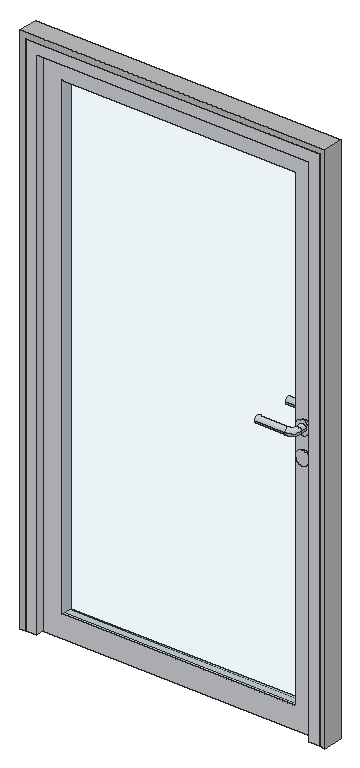
Revit family "BRU_Дверь_Однопольная_Алюминиевая_Исправлено", category Двери, Revit 2021
Family settings
  Основа = Стена
  Номер OmniClass = 23.30.10.00
  Заголовок OmniClass = Doors
  Всегда вертикально = Да
  При загрузке вырезать с полостями = Нет
  Общий = Нет
  Точка принадлежности помещению = Нет
Parameters (values of type "ДАВ-О-Н-EIWS30 1150х2100(h) Пр")
  Четверть сверху.Размер [instance] = 30 mm
  Четверть (есть/нет) [instance] = no
  Четверть сверху [instance] = if([Четверть (есть/нет)], Четверть сверху.Размер, 0 mm)  # 0 mm
  Четверть сбоку [instance] = if([Четверть (есть/нет)], Четверти сбоку.Размер, 0 mm)  # 0 mm
  Четверти сбоку.Размер [instance] = 30 mm
  Угол в плане 30 [instance] = yes
  Тип полотна двери = Полотно : Остекленное
  Ручка двери = none
  Рама двери.Ширина справа = 80 mm
  Рама двери.Ширина слева = 80 mm
  Рама двери.Ширина внизу = 80 mm
  Рама двери.Ширина вверху = 80 mm
  Полотно двери. Высота [instance] = Rough Height - Коробка.Ширина  # 1900 mm
  Площадь [instance] = Width * Height  # 2.3088 m²
  Откосы.Ширина [instance] = 530 mm
  Define Thermal Properties by = 1
  Fire Rating = ""
  О_Обозначение = ""
  О_Наименование = ""
  Монтажный зазор снизу.Толщина [instance] = 130 mm
  Монтажный зазор сверху.Толщина = 20 mm
  Коробка.Ширина = 30 mm
  Коробка.Толщина = 70 mm
  Правая = yes
  Полотно.Толщина = 40 mm
  Полотно двери = none
  Остекление двери = none
  Наличник.Ширина [instance] = 60 mm
  Наличник.Толщина [instance] = 10 mm
  Наличник снаружи (есть/нет) [instance] = no
  Наличник внутри (есть/нет) [instance] = no
  Монтажный зазор сбоку.Толщина = 20 mm
  Type Comments = ""
  Глубина выреза проема наружу [instance] = 200 mm
  Глубина выреза проема внутрь [instance] = 200 mm
  Глубина вставки двери [instance] = 0 mm
  Левая = not(Правая)  # no
  Защитное ограждение (есть/нет) = no
  Огибание наружных слоев [instance] = 0 mm
  Width = 1110 mm
  Rough Width [instance] = Width - Монтажный зазор сбоку.Толщина * 2  # 1070 mm
  Rough Height [instance] = Height - Монтажный зазор сверху.Толщина - Монтажный зазор снизу.Толщина  # 1930 mm
  Группа модели = "Дверь остекленная с выпадающим порогом"
  Manufacturer = ""
  Wall Closure = (empty or 0)
  Height = 2080 mm
  Description = ""
  Тип конструкций = "Дверь стальная"
  Аналитическая конструкция = "<Нет>"
  BRU_ДверьТип = "BRU_Дверь_Однопольная_Алюминиевая_МОП_Противопожарная"
  ADSK_Этаж [instance] = ""
  ADSK_Толщина стены [instance] = 0 mm
  ADSK_Примечание [instance] = ""
  ADSK_Предел огнестойкости = "EIWS60"
  ADSK_Позиция [instance] = ""
  ADSK_Открывание = if(Правая, "Правая", "Левая")  # "Правая"
  ADSK_Обозначение = "ГОСТ 6629-88"  # constant formula
  ADSK_Наименование краткое = ""
  ADSK_Наименование = "ДАВ-О-Н-EIWS60 1300х2100(h)"
  ADSK_Масса_Текст = ""
  ADSK_Количество [instance] = 0
  ADSK_Код изделия = ""
  ADSK_Зона [instance] = ""
  ADSK_Завод-изготовитель = ""
  ADSK_Единица измерения = ""
  ADSK_Группирование [instance] = ""
  ADSK_URL страницы изделия = ""
  ADSK_URL документации изделия = ""
Types (6, lengths in mm): name | Полотно двери. Высота | Площадь | Правая | Левая | Width | Rough Width | Rough Height | Группа модели | Height | ADSK_Предел огнестойкости | ADSK_Открывание | ADSK_Наименование
  ДАВ-О-Н-EIWS30 1150х2100(h) Пр | 1900 | 2.3088 m² | yes | no | 1110 | 1070 | 1930 | "Дверь остекленная с выпадающим порогом" | 2080 | "EIWS60" | "Правая" | "ДАВ-О-Н-EIWS60 1300х2100(h)"
  ДАВ-О-Н-EIWS30 1150х2100(h) Л | 1900 | 2.3088 m² | no | yes | 1110 | 1070 | 1930 | "Дверь остекленная с выпадающим порогом" | 2080 | "EIWS60" | "Левая" | "ДАВ-О-Н-EIWS60 1300х2100(h)"
  ДАВ-О-Н-EIW30 1300х2400(h) Л | 2200 | 2.9988 m² | no | yes | 1260 | 1220 | 2230 | "Дверь остекленная без порога" | 2380 | "EIW30" | "Левая" | "ДАВ-О-Н-EIW30 1300х2400(h)"
  ДАВ-О-Н-EIWS60 1300х2100(h) Пр | 1920 | 2.73 m² | yes | no | 1300 | 1260 | 1950 | "Дверь остекленная с выпадающим порогом" | 2100 | "EIWS60" | "Правая" | "ДАВ-О-Н-EIWS60 1300х2100(h)"
  ДАВ-О-Н-EIWS60 1300х2100(h) Л | 1900 | 2.6208 m² | no | yes | 1260 | 1220 | 1930 | "Дверь остекленная с выпадающим порогом" | 2080 | "EIWS60" | "Левая" | "ДАВ-О-Н-EIWS60 1300х2100(h)"
  ДАВ-О-Н-EIW30 1300х2400(h) Пр | 2200 | 2.9988 m² | yes | no | 1260 | 1220 | 2230 | "Дверь остекленная без порога" | 2380 | "EIW30" | "Правая" | "ДАВ-О-Н-EIW30 1300х2400(h)"
Reference planes
  plane 1: y = 0
  plane 2 "По центру (Влево/Вправо)": x = 0
  plane 3 "Слева": x = -555
  plane 4 "Справа": x = 555
  plane 5: z = 2080
  plane 6 "Наружный": y = 300
  plane 7 "Внутренние": y = -300
  plane 8 "Вставка двери": y = 300
  plane 9 "Четверть слева": x = -555
  plane 10 "Четверть справа": x = 555
  plane 11 "Четверть сверху": z = 2080
  plane 12 "Полотно двери": y = 260
  plane 13 "Рама внутри": y = 230
  plane 14 "Монтажный зазор слева": x = -535
  plane 15 "Монтажный зазор справа": x = 535
  plane 16 "Монтажный зазор сверху": z = 2060
  plane 17 "Глубина огибания наружного слоя": y = 300
  plane 18: y = 310
  plane 19: x = 545
  plane 20: y = -310
  plane 21: x = -545
  plane 22: y = 500
  plane 23: y = -500
  plane 24 "2": z = 130
Forms (mm)
  Extrusion 1, void
    sketch origin (0, 0, 0) x (1, 0, 0) y (0, 1, 0)
      loop
        line (555, 300) -> (-555, 300) -> (-555, -500) -> (555, -500) -> (555, 300)
    from 0 to 2080
  Extrusion 2, void
    sketch origin (0, 0, 0) x (1, 0, 0) y (0, 1, 0)
      loop
        line (555, 500) -> (-555, 500) -> (-555, 300) -> (555, 300) -> (555, 500)
    from 0 to 2080
  Sweep 3, solid, material <- "Полотно двери", visible <- "Наличник снаружи (есть/нет)", detail levels fine
    path origin (0, 300, 0) x (1, 0, 0) y (0, 0, 1)
      loop
        line (-555, 130) -> (-555, 2080) -> (555, 2080) -> (555, 130)
    profile origin (-555, 300, 1105) x (-1, 0, 0) y (0, -1, 0)
      loop
        line (-10, 0) -> (-10, -5)
        arc (-10, -5) -> (-8.536, -8.536) -> (-5, -10) r 5
        line (-5, -10) -> (45, -10)
        arc (45, -10) -> (48.536, -8.536) -> (50, -5) r 5
        line (50, -5) -> (50, 0) -> (-10, 0)
  Sweep 4, solid, material <- "Полотно двери", visible <- "Наличник внутри (есть/нет)", detail levels fine
    path origin (0, -300, 0) x (1, 0, 0) y (0, 0, 1)
      loop
        line (-555, 130) -> (-555, 2080) -> (555, 2080) -> (555, 130)
    profile origin (-555, -300, 1105) x (-1, 0, 0) y (0, -1, 0)
      loop
        line (-20, 0) -> (40, 0) -> (40, 5)
        arc (40, 5) -> (38.536, 8.536) -> (35, 10) r 5
        line (35, 10) -> (-15, 10)
        arc (-15, 10) -> (-18.536, 8.536) -> (-20, 5) r 5
        line (-20, 5) -> (-20, 0)
  Sweep 5, solid, material <- "Полотно двери"
    path origin (0, 300, 0) x (-1, 0, 0) y (0, 0, 1)
      loop
        line (535, 130) -> (535, 2060) -> (-535, 2060) -> (-535, 130)
    profile origin (535, 300, 1095) x (0, 1, 0) y (-1, 0, 0)
      loop
        line (0, 0) -> (0, 30) -> (-40, 30) -> (-40, 40) -> (-70, 40) -> (-70, 0) -> (0, 0)
  Sweep 6, solid, material <- "Полотно двери", visible <- "Наличник снаружи (есть/нет)", detail levels fine
    path origin (0, 300, 0) x (-1, 0, 0) y (0, 0, 1)
      loop
        line (555, 130) -> (555, 2080) -> (-555, 2080) -> (-555, 130)
    profile origin (555, 300, 1105) x (0, 1, 0) y (-1, 0, 0)
      loop
        line (5, 0) -> (5, 10) -> (0, 10) -> (0, 0) -> (5, 0)
  Extrusion 7, solid, material <- "Полотно двери"
    sketch origin (-2514.822, 300, 1200) x (-1, 0, 0) y (0, 0, 1)
      loop
        line (-3069.822, 880) -> (-3069.822, -1070) -> (-3048.822, -1070) -> (-3048.822, 859) -> (-1980.822, 859) -> (-1980.822, -1070) -> (-1959.822, -1070) -> (-1959.822, 880) -> (-3069.822, 880)
    from 0 to -70
Cuts and joins
  joined: Sweep 3, Sweep 6
Lines and regions (mm)
  Masking region 1, detail levels fine
    outline origin (0, 0, 0) x (0, 1, 0) y (0, 0, 1)
      loop
        line (230, 2020) -> (260, 2020) -> (260, 2030) -> (300, 2030) -> (300, 2060) -> (230, 2060) -> (230, 2020)
  Masking region 2, detail levels fine
    outline origin (0, 0, 0) x (0, 1, 0) y (0, 0, 1)
      loop
        line (300, 130) -> (300, 2030) -> (260, 2030) -> (260, 130) -> (300, 130)
  Masking region 3, detail levels fine
    outline origin (0, 0, 0) x (0, 1, 0) y (0, 0, 1)
      loop
        line (230, 2020) -> (230, 130) -> (260, 130) -> (260, 2020) -> (230, 2020)
  Masking region 4, detail levels coarse+medium
    outline origin (0, 0, 0) x (0, 1, 0) y (0, 0, 1)
      loop
        line (300, 130) -> (300, 2080) -> (230, 2080) -> (230, 130) -> (300, 130)
Text (mm)
  text "Наружный" at (-2295.016, 1099.543, 0), in view "Опорный уровень "
  text "Наружный" at (0, 1615.38, 3698.081), in view "Слева"
  text "Наружный" at (0, 1036.032, 3874.932), in view "Справа"
Dimensions and locks
  equal spacing: plane 14 "Монтажный зазор слева", plane 2 "По центру (Влево/Вправо)", plane 15 "Монтажный зазор справа"
  "Rough Width": plane 14 "Монтажный зазор слева" to plane 15 "Монтажный зазор справа"
  "Rough Height": plane 16 "Монтажный зазор сверху" to plane 24 "2"
  host wall to plane 5 = 2080 mm  (x2)
  locked: plane 6 "Наружный" to host wall
  locked: plane 7 "Внутренние" to host wall
  "Четверть сбоку": plane 3 "Слева" to plane 9 "Четверть слева"
  "Четверть сбоку": plane 10 "Четверть справа" to plane 4 "Справа"
  "Глубина вставки двери": plane 6 "Наружный" to plane 8 "Вставка двери"
  "Наличник.Ширина": Sweep 3 sketch curve to plane 21
  "Коробка.Толщина": plane 8 "Вставка двери" to plane 13 "Рама внутри"
  "Полотно.Толщина": plane 8 "Вставка двери" to plane 12 "Полотно двери"
  "Огибание наружных слоев": plane 6 "Наружный" to plane 17 "Глубина огибания наружного слоя"
  "Наличник.Ширина": Sweep 4 sketch curve to Sweep 4 sketch curve
  locked: Sweep 4 sketch curve to Sweep 4 sketch curve at 5  (x4)
  locked: Sweep 3 sketch curve to Sweep 3 sketch curve at 5
  "Коробка.Ширина": Sweep 5 sketch curve to profile plane
  locked: Sweep 5 sketch curve to Sweep 5 sketch curve at 10
  "Наличник.Толщина": plane 7 "Внутренние" to plane 20
  "Наличник.Толщина": plane 18 to plane 6 "Наружный"
  "Наличник.Толщина": plane 9 "Четверть слева" to plane 21
  "Наличник.Толщина": plane 19 to plane 10 "Четверть справа"
  locked: plane 18 to Sweep 3 sketch curve at 5  (x2)
  locked: Sweep 3 sketch curve to plane 21 at 5
  locked: plane 18 to Sweep 6 sketch curve at 5
  "Откосы.Ширина": plane 7 "Внутренние" to plane 13 "Рама внутри"
  equal spacing: plane 3 "Слева", plane 2 "По центру (Влево/Вправо)", plane 4 "Справа"
  "Width": plane 3 "Слева" to plane 4 "Справа"
  "Глубина выреза проема внутрь": plane 23 to plane 7 "Внутренние"
  "Глубина выреза проема наружу": plane 6 "Наружный" to plane 22
  locked: Extrusion 7 sketch curve to plane 15 "Монтажный зазор справа" at 1
  locked: Extrusion 7 sketch curve to plane 16 "Монтажный зазор сверху" at 1
  locked: plane 14 "Монтажный зазор слева" to Extrusion 7 sketch curve at 1
  "Монтажный зазор снизу.Толщина": level to plane 24 "2"
  "Монтажный зазор сверху.Толщина": plane 5 to plane 16 "Монтажный зазор сверху"
  "Четверть сверху": plane 5 to plane 11 "Четверть сверху"
  aligned and locked: plane 1 to host wall
  aligned and locked: plane 8 "Вставка двери" to Extrusion 1 sketch curve
  aligned and locked: plane 3 "Слева" to Extrusion 1 sketch curve
  aligned and locked: Extrusion 1 sketch curve to plane 4 "Справа"
  aligned and locked: Extrusion 1 to level
  aligned and locked: Extrusion 1 to plane 5
  aligned and locked: Extrusion 2 sketch curve to plane 8 "Вставка двери"
  aligned and locked: plane 10 "Четверть справа" to Extrusion 2 sketch curve
  aligned and locked: Extrusion 2 sketch curve to plane 9 "Четверть слева"
  aligned and locked: Extrusion 2 to level
  aligned and locked: plane 11 "Четверть сверху" to Extrusion 2
  aligned and locked: plane 9 "Четверть слева" to Sweep 3 sketch curve
  aligned and locked: plane 11 "Четверть сверху" to Sweep 3 sketch curve
  aligned and locked: plane 10 "Четверть справа" to Sweep 3 sketch curve
  aligned and locked: Sweep 4 sketch curve to plane 3 "Слева"
  aligned and locked: Sweep 4 sketch curve to plane 5
  aligned and locked: Sweep 4 sketch curve to plane 4 "Справа"
  aligned and locked: Sweep 4 sketch curve to plane 7 "Внутренние"
  aligned and locked: Sweep 5 sketch curve to plane 15 "Монтажный зазор справа"
  aligned and locked: Sweep 5 sketch curve to plane 16 "Монтажный зазор сверху"
  aligned and locked: Sweep 5 sketch curve to plane 14 "Монтажный зазор слева"
  aligned and locked: profile plane to Sweep 5 sketch curve
  aligned and locked: plane 13 "Рама внутри" to Sweep 5 sketch curve
  aligned and locked: plane 8 "Вставка двери" to Sweep 5 sketch curve
  aligned and locked: plane 12 "Полотно двери" to Sweep 5 sketch curve
  aligned and locked: plane 12 "Полотно двери" to nested 1
  aligned and locked: nested 1 to plane 8 "Вставка двери"
  aligned and locked: Sweep 5 to nested 1
  aligned and locked: nested 1 to Sweep 5  (x2)
  aligned and locked: plane 2 "По центру (Влево/Вправо)" to nested 2
  aligned and locked: nested 2 to plane 8 "Вставка двери"
  aligned and locked: plane 12 "Полотно двери" to nested 2
  aligned and locked: plane 13 "Рама внутри" to nested 2
  aligned and locked: plane 2 "По центру (Влево/Вправо)" to nested 3
  aligned and locked: plane 8 "Вставка двери" to nested 3
  aligned and locked: nested 3 to plane 12 "Полотно двери"
  aligned and locked: nested 3 to plane 13 "Рама внутри"
  aligned and locked: Sweep 4 sketch curve to plane 14 "Монтажный зазор слева"
  aligned and locked: profile plane to Sweep 3 sketch curve
  aligned and locked: Sweep 6 sketch curve to plane 11 "Четверть сверху"
  aligned and locked: plane 10 "Четверть справа" to Sweep 6 sketch curve  (x2)
  aligned and locked: plane 9 "Четверть слева" to Sweep 6 sketch curve
  aligned and locked: plane 8 "Вставка двери" to Sweep 6 sketch curve
  aligned and locked: plane 20 to Sweep 4 sketch curve
  aligned and locked: plane 18 to Sweep 3 sketch curve
  aligned and locked: Sweep 6 sketch curve to plane 19
  aligned and locked: Masking region 1 sketch curve to Sweep 5  (x2)
  aligned and locked: plane 12 "Полотно двери" to Masking region 1 sketch curve
  aligned and locked: plane 13 "Рама внутри" to Masking region 1 sketch curve
  aligned and locked: plane 8 "Вставка двери" to Masking region 1 sketch curve
  aligned and locked: plane 16 "Монтажный зазор сверху" to Masking region 1 sketch curve
  aligned and locked: plane 8 "Вставка двери" to Masking region 2 sketch curve
  aligned and locked: plane 12 "Полотно двери" to Masking region 2 sketch curve
  aligned and locked: Masking region 2 sketch curve to Sweep 5
  aligned and locked: Masking region 3 sketch curve to Sweep 5
  aligned and locked: plane 13 "Рама внутри" to Masking region 3 sketch curve
  aligned and locked: plane 12 "Полотно двери" to Masking region 3 sketch curve
  aligned and locked: plane 8 "Вставка двери" to Masking region 4 sketch curve
  aligned and locked: plane 13 "Рама внутри" to Masking region 4 sketch curve
  aligned and locked: plane 5 to Masking region 4 sketch curve
  aligned and locked: Extrusion 7 sketch curve to plane 4 "Справа"
  aligned and locked: Extrusion 7 sketch curve to plane 3 "Слева"
  aligned and locked: Extrusion 7 sketch curve to plane 5
  aligned and locked: Extrusion 7 to plane 13 "Рама внутри"
  aligned and locked: plane 8 "Вставка двери" to Extrusion 7
  aligned and locked: plane 22 to Extrusion 2 sketch curve
  aligned and locked: Extrusion 1 sketch curve to plane 23
  aligned and locked: plane 24 "2" to Sweep 5 sketch curve  (x2)
  aligned and locked: plane 24 "2" to Sweep 3 sketch curve  (x2)
  aligned and locked: plane 24 "2" to Sweep 6 sketch curve  (x2)
  aligned and locked: plane 24 "2" to Sweep 4 sketch curve  (x2)
  aligned and locked: Extrusion 7 sketch curve to plane 24 "2"
  aligned and locked: plane 24 "2" to Extrusion 7 sketch curve
  aligned and locked: Masking region 4 sketch curve to plane 24 "2"
  aligned and locked: Masking region 3 sketch curve to plane 24 "2"
  aligned and locked: Masking region 2 sketch curve to plane 24 "2"
Nested families
  nested 1: "Полотно" at (0, 300, 130), type <- "Тип полотна двери", Полотно двери.Высота <- "Полотно двери. Высота", type "Остекленное"
    with Полотно двери.Ширина 1010 mm, Полотно двери.Толщина 40 mm, Полотно двери.Высота 1900 mm
  nested 2: "Обозначение на плане" at (0, 300, 0), Ширина двери <- "Rough Width", visible <- "Правая", Монтажный зазор <- "Монтажный зазор сбоку.Толщина", Ширина коробки <- "Коробка.Ширина", Толщина полотна двери <- "Полотно.Толщина", Толщина коробки <- "Коробка.Толщина", type "По-умолчанию"
    with Ширина полотна двери 970 mm, Ширина коробки 30 mm, Ширина двери 1070 mm, Толщина полотна двери 40 mm, Толщина коробки 70 mm, Монтажный зазор 20 mm
  nested 3: "Обозначение на плане" at (0, 300, 0) x (-1, 0, 0) z (0, 0, 1), Ширина двери <- "Rough Width", visible <- "Левая", Монтажный зазор <- "Монтажный зазор сбоку.Толщина", Ширина коробки <- "Коробка.Ширина", Толщина полотна двери <- "Полотно.Толщина", Толщина коробки <- "Коробка.Толщина", type "По-умолчанию"
    with Ширина полотна двери 970 mm, Ширина коробки 30 mm, Ширина двери 1070 mm, Толщина полотна двери 40 mm, Толщина коробки 70 mm, Монтажный зазор 20 mm
Definition of nested family "Полотно"
  Parameters (values of type "Глухое")
    Ручка.Отступ от края = 50 mm
    Ручка.Высота расположения = 1000 mm
    Ручка двери = none
    Рама справа.Ширина = 150 mm
    Рама слева.Ширина = 150 mm
    Рама внизу.Ширина = 600 mm
    Рама вверху.Ширина = 150 mm
    Правая = yes
    Полотно остекленное = no
    Полотно двери.Ширина [instance] = 1000 mm
    Полотно двери.Толщина [instance] = 40 mm
    Полотно двери.Высота [instance] = 2100 mm
    Полотно двери = none
    Полотно глухое = yes
    Остекление двери = none
    Левая = not(Правая)  # no
    Защитные ограждения = no
    Analytic Construction = "<Нет>"
  Types (2, lengths in mm): name | Рама справа.Ширина | Рама слева.Ширина | Рама внизу.Ширина | Рама вверху.Ширина | Полотно остекленное | Полотно глухое
    Глухое | 150 | 150 | 600 | 150 | no | yes
    Остекленное | 80 | 80 | 80 | 80 | yes | no
  Reference planes
    plane 1 "Center (Front/Back)": y = 0
    plane 2: z = 0
    plane 3 "Center (Left/Right)": x = 0
    plane 4: x = -500
    plane 5: x = 500
    plane 6 "Back": y = -40
    plane 7: z = 2100
    plane 8 "Высота расположения ручки": z = 1000
    plane 9 "Отступ ручки справа": x = 450
    plane 10 "Отступ ручки слева": x = -450
    plane 11 "Остекление снаружи": y = -8
    plane 12 "Остекление внутри": y = -32
    plane 13 "Ширина рамы справа": x = -350
    plane 14 "Ширина рамы слева": x = 350
    plane 15 "Ширина рамы внизу": z = 600
    plane 16 "Ширина рамы вверху": z = 1950
    plane 17: z = 950
    plane 18: z = 800
    plane 19: z = 650
    plane 20: z = 1050
  Forms (mm)
    Extrusion 1, solid, material <- "Полотно двери", visible <- "Полотно глухое"
      sketch origin (0, 0, 0) x (1, 0, 0) y (0, 0, 1)
        loop
          line (-500, 2100) -> (-500, 0) -> (500, 0) -> (500, 2100) -> (-500, 2100)
      from 0 to 40 <- "Полотно двери.Толщина"
    Extrusion 2, solid, material <- "Полотно двери", visible <- "Полотно остекленное"
      sketch origin (0, 0, 0) x (1, 0, 0) y (0, 0, 1)
        loop
          line (-500, 2100) -> (-500, 0) -> (500, 0) -> (500, 2100) -> (-500, 2100)
        loop
          line (-350, 600) -> (350, 600) -> (350, 1950) -> (-350, 1950) -> (-350, 600)
      from 0 to 40
    Extrusion 3, solid, material <- "Остекление двери", visible <- "Полотно остекленное"
      sketch origin (-646.608, -8, 1200) x (-1, 0, 0) y (0, 0, 1)
        loop
          line (-296.608, 750) -> (-996.608, 750) -> (-996.608, -600) -> (-296.608, -600) -> (-296.608, 750)
      from 0 to -24
    Sweep 4, solid, material <- "Ручка двери", visible <- "Защитные ограждения", detail levels medium+fine
      path origin (-858.179, -1524, 950) x (-1, 0, 0) y (0, -1, 0)
        loop
          arc (-478.179, -1469) -> (-482.572, -1458.393) -> (-493.179, -1454) r 15
          line (-493.179, -1454) -> (-1223.179, -1454)
          arc (-1223.179, -1454) -> (-1233.785, -1458.393) -> (-1238.179, -1469) r 15
          line (-1238.179, -1469) -> (-1238.179, -1539)
          arc (-1238.179, -1539) -> (-1233.785, -1549.607) -> (-1223.179, -1554) r 15
          line (-1223.179, -1554) -> (-493.179, -1554)
          arc (-493.179, -1554) -> (-482.572, -1549.607) -> (-478.179, -1539) r 15
          line (-478.179, -1539) -> (-478.179, -1469)
      profile origin (-380, -20, 950) x (-1, 0, 0) y (0, 0, 1)
        loop
          circle (0, 0) r 10
    Sweep 5, solid, material <- "Ручка двери", visible <- "Защитные ограждения", detail levels medium+fine
      path origin (-858.179, -1524, 800) x (-1, 0, 0) y (0, -1, 0)
        loop
          arc (-478.179, -1469) -> (-482.572, -1458.393) -> (-493.179, -1454) r 15
          line (-493.179, -1454) -> (-1223.179, -1454)
          arc (-1223.179, -1454) -> (-1233.785, -1458.393) -> (-1238.179, -1469) r 15
          line (-1238.179, -1469) -> (-1238.179, -1539)
          arc (-1238.179, -1539) -> (-1233.785, -1549.607) -> (-1223.179, -1554) r 15
          line (-1223.179, -1554) -> (-493.179, -1554)
          arc (-493.179, -1554) -> (-482.572, -1549.607) -> (-478.179, -1539) r 15
          line (-478.179, -1539) -> (-478.179, -1469)
      profile origin (-380, -20, 800) x (-1, 0, 0) y (0, 0, 1)
        loop
          circle (0, 0) r 10
    Sweep 6, solid, material <- "Ручка двери", visible <- "Защитные ограждения", detail levels medium+fine
      path origin (-858.179, -1524, 650) x (-1, 0, 0) y (0, -1, 0)
        loop
          arc (-478.179, -1469) -> (-482.572, -1458.393) -> (-493.179, -1454) r 15
          line (-493.179, -1454) -> (-1223.179, -1454)
          arc (-1223.179, -1454) -> (-1233.785, -1458.393) -> (-1238.179, -1469) r 15
          line (-1238.179, -1469) -> (-1238.179, -1539)
          arc (-1238.179, -1539) -> (-1233.785, -1549.607) -> (-1223.179, -1554) r 15
          line (-1223.179, -1554) -> (-493.179, -1554)
          arc (-493.179, -1554) -> (-482.572, -1549.607) -> (-478.179, -1539) r 15
          line (-478.179, -1539) -> (-478.179, -1469)
      profile origin (-380, -20, 650) x (-1, 0, 0) y (0, 0, 1)
        loop
          circle (0, 0) r 10
  Lines and regions (mm)
    symbolic lines, visible <- "Правая", detail levels medium
      curve 1: line (-500, 0, 0) -> (500, 0, 1050)
      curve 2: line (500, 0, 1050) -> (-500, 0, 2100)
    symbolic lines, visible <- "Левая", detail levels medium
      curve 3: line (500, 0, 0) -> (-500, 0, 1050)
      curve 4: line (-500, 0, 1050) -> (500, 0, 2100)
  Dimensions and locks
    "Полотно двери.Толщина": plane 1 "Center (Front/Back)" to plane 6 "Back"
    equal spacing: plane 4, plane 3 "Center (Left/Right)", plane 5
    "Полотно двери.Ширина": plane 4 to plane 5
    "Полотно двери.Высота": plane 7 to plane 2
    "Ручка.Высота расположения": plane 8 "Высота расположения ручки" to level
    "Ручка.Отступ от края": plane 5 to plane 9 "Отступ ручки справа"
    "Ручка.Отступ от края": plane 10 "Отступ ручки слева" to plane 4
    locked: plane 12 "Остекление внутри" to plane 6 "Back" at 8
    locked: plane 1 "Center (Front/Back)" to plane 11 "Остекление снаружи" at 8
    "Рама вверху.Ширина": plane 7 to plane 16 "Ширина рамы вверху"
    "Рама внизу.Ширина": plane 15 "Ширина рамы внизу" to plane 2
    "Рама справа.Ширина": plane 5 to plane 14 "Ширина рамы слева"
    "Рама слева.Ширина": plane 13 "Ширина рамы справа" to plane 4
    locked: plane 17 to plane 2 at 950
    plane 17 to plane 18 to plane 19 = 150 mm locked, 150 mm locked
    locked: plane 1 "Center (Front/Back)" to Sweep 4 sketch curve at 30
    locked: Sweep 4 sketch curve to profile plane at 0
    locked: profile plane to Sweep 4 sketch curve at 0
    locked: Sweep 4 sketch curve to plane 6 "Back" at 30
    locked: Sweep 5 sketch curve to profile plane at 0
    locked: profile plane to Sweep 5 sketch curve at 0
    locked: Sweep 5 sketch curve to plane 6 "Back" at 30
    locked: plane 1 "Center (Front/Back)" to Sweep 5 sketch curve at 30
    locked: Sweep 6 sketch curve to profile plane at 0
    locked: profile plane to Sweep 6 sketch curve at 0
    locked: Sweep 6 sketch curve to plane 6 "Back" at 30
    locked: plane 1 "Center (Front/Back)" to Sweep 6 sketch curve at 30
    equal spacing: plane 7, plane 20, plane 2
    locked: Sweep 4 sketch curve to plane 13 "Ширина рамы справа" at 30
    locked: plane 14 "Ширина рамы слева" to Sweep 4 sketch curve at 30
    locked: plane 14 "Ширина рамы слева" to Sweep 5 sketch curve at 30
    locked: Sweep 5 sketch curve to plane 13 "Ширина рамы справа" at 30
    locked: Sweep 6 sketch curve to plane 13 "Ширина рамы справа" at 30
    locked: plane 14 "Ширина рамы слева" to Sweep 6 sketch curve at 30
    locked: Sweep 4 sketch curve to Sweep 4 sketch curve at 15  (x8)
    locked: Sweep 5 sketch curve to Sweep 5 sketch curve at 15  (x8)
    locked: Sweep 6 sketch curve to Sweep 6 sketch curve at 15  (x8)
    aligned and locked: level to plane 2
    aligned and locked: Extrusion 1 sketch curve to plane 7
    aligned and locked: plane 4 to Extrusion 1 sketch curve
    aligned and locked: plane 2 to Extrusion 1 sketch curve
    aligned and locked: Extrusion 1 sketch curve to plane 5
    aligned and locked: Extrusion 1 to plane 1 "Center (Front/Back)"
    aligned and locked: Extrusion 1 to plane 6 "Back"
    aligned and locked: nested 1 to plane 10 "Отступ ручки слева"
    aligned and locked: plane 1 "Center (Front/Back)" to nested 1
    aligned and locked: plane 6 "Back" to nested 1
    aligned and locked: plane 8 "Высота расположения ручки" to nested 1
    aligned and locked: nested 2 to plane 1 "Center (Front/Back)"
    aligned and locked: nested 2 to plane 6 "Back"
    aligned and locked: nested 2 to plane 9 "Отступ ручки справа"
    aligned and locked: nested 2 to plane 8 "Высота расположения ручки"
    aligned and locked: Extrusion 2 sketch curve to plane 4
    aligned and locked: Extrusion 2 sketch curve to plane 5
    aligned and locked: Extrusion 2 sketch curve to plane 7
    aligned and locked: Extrusion 2 sketch curve to plane 2
    aligned and locked: Extrusion 2 sketch curve to plane 15 "Ширина рамы внизу"
    aligned and locked: Extrusion 2 sketch curve to plane 13 "Ширина рамы справа"
    aligned and locked: Extrusion 2 sketch curve to plane 14 "Ширина рамы слева"
    aligned and locked: Extrusion 2 sketch curve to plane 16 "Ширина рамы вверху"
    aligned and locked: Extrusion 2 to plane 1 "Center (Front/Back)"
    aligned and locked: Extrusion 2 to plane 6 "Back"
    aligned and locked: plane 13 "Ширина рамы справа" to Extrusion 3 sketch curve
    aligned and locked: plane 14 "Ширина рамы слева" to Extrusion 3 sketch curve
    aligned and locked: plane 16 "Ширина рамы вверху" to Extrusion 3 sketch curve
    aligned and locked: plane 15 "Ширина рамы внизу" to Extrusion 3 sketch curve
    aligned and locked: Extrusion 3 to plane 11 "Остекление снаружи"
    aligned and locked: Extrusion 3 to plane 12 "Остекление внутри"
    aligned and locked: plane 4 to curve 1
    aligned and locked: plane 2 to curve 1
    aligned and locked: plane 5 to curve 2
    aligned and locked: plane 20 to curve 1
    aligned and locked: plane 7 to Extrusion 2
    aligned and locked: plane 4 to Extrusion 2
  Automatic sketch dimensions
    curve 3 to plane 4 = 0 mm
    curve 2 to plane 4 = 0 mm
    curve 3 to level = 0 mm
    curve 3 to plane 5 = 0 mm
    curve 4 to plane 5 = 0 mm
    curve 4 to plane 20 = 0 mm
    curve 4 to plane 7 = 0 mm
    curve 2 to plane 7 = 0 mm
    radius of Sweep 4 sketch curve = 10 mm
    radius of Sweep 5 sketch curve = 10 mm
    radius of Sweep 6 sketch curve = 10 mm
  Nested families
    nested 1: "Дверная ручка" at (-450, 0, 1000), visible <- "Левая", Полотно двери.Толщина <- "Полотно двери.Толщина", type "Дверная ручка", detail levels fine
      with Полотно двери.Толщина 40 mm
    nested 2: "Дверная ручка" at (450, 0, 1000) x (-1, 0, 0) z (0, 0, 1), visible <- "Правая", Полотно двери.Толщина <- "Полотно двери.Толщина", type "Дверная ручка", detail levels fine
      with Полотно двери.Толщина 40 mm
  Definition of nested family "Дверная ручка"
    Parameters (values of type "Дверная ручка")
      Полотно двери.Толщина [instance] = 40 mm
      Дверная ручка = none
      Analytic Construction = "<Нет>"
    Reference planes
      plane 1 "Center (Front/Back)": y = 0
      plane 2: z = 0
      plane 3 "Center (Left/Right)": x = 0
      plane 4: y = -40
      plane 5: z = -100
    Forms (mm)
      Sweep 1, solid, material <- "Дверная ручка", detail levels medium+fine
        path origin (0, 0, 0) x (1, 0, 0) y (0, 1, 0)
          loop
            line (130, 50) -> (20, 50)
            arc (20, 50) -> (5.858, 44.142) -> (0, 30) r 20
            line (0, 30) -> (0, -70)
            arc (0, -70) -> (5.858, -84.142) -> (20, -90) r 20
            line (20, -90) -> (130, -90)
        profile origin (0, -20, 0) x (1, 0, 0) y (0, 0, 1)
          loop
            circle (0, 0) r 12
      Extrusion 2, solid, material <- "Дверная ручка", detail levels medium+fine
        sketch origin (-2000, -40, 1200) x (-1, 0, 0) y (0, 0, 1)
          loop
            circle (-2000, -1200) r 25
        from 48 to -8
      Extrusion 3, solid, material <- "Дверная ручка", detail levels medium+fine
        sketch origin (-2000, -40, 1100) x (-1, 0, 0) y (0, 0, 1)
          loop
            circle (-2000, -1200) r 25
        from 48 to -8
    Cuts and joins
      joined: Sweep 1, Extrusion 2
    Dimensions and locks
      "Полотно двери.Толщина": plane 1 "Center (Front/Back)" to plane 4
      locked: Sweep 1 sketch curve to plane 4 at 50
      locked: plane 1 "Center (Front/Back)" to Sweep 1 sketch curve at 50
      locked: plane 4 to Sweep 1 sketch curve at 30
      locked: plane 1 "Center (Front/Back)" to Sweep 1 sketch curve at 30
      locked: plane 3 "Center (Left/Right)" to Sweep 1 sketch curve at 20  (x2)
      locked: plane 4 to Extrusion 2 at 8
      locked: Extrusion 3 sketch curve to plane 5 at 0
      locked: plane 3 "Center (Left/Right)" to Extrusion 3 sketch curve at 0
      locked: plane 1 "Center (Front/Back)" to cut or joined group of Sweep 1, Extrusion 2 at 8
      locked: Extrusion 3 to plane 1 "Center (Front/Back)" at 8
      aligned and locked: level to plane 2
      aligned and locked: Sweep 1 sketch curve to plane 3 "Center (Left/Right)"
    Automatic sketch dimensions
      Sweep 1 sketch curve to Sweep 1 sketch curve = 110 mm  (x2)
      Sweep 1 sketch curve to level = 0 mm
      profile plane to Sweep 1 sketch curve = 0 mm
      Extrusion 2 sketch curve to level = 0 mm
      Extrusion 2 sketch curve to plane 3 "Center (Left/Right)" = 0 mm
      radius of Sweep 1 sketch curve = 12 mm
      radius of Extrusion 2 sketch curve = 25 mm
      radius of Extrusion 3 sketch curve = 25 mm
Definition of nested family "Обозначение на плане"
  Parameters (values of type "По-умолчанию")
    Ширина полотна двери [instance] = Ширина двери - 60 mm - Монтажный зазор * 2  # 600 mm
    Ширина коробки [instance] = 30 mm
    Ширина двери [instance] = 700 mm
    Толщина полотна двери [instance] = 40 mm
    Толщина коробки [instance] = 80 mm
    Открывание двери.30° = yes
    Открывание двери.90° = not(Открывание двери.30°)  # no
    Монтажный зазор [instance] = 20 mm
    Линия открывания.Дуга = not(Открывание двери.30°)  # no
  Reference planes
    plane 1 "Center (Front/Back)": y = 0
    plane 2: z = 0
    plane 3 "Center (Left/Right)": x = 0
    plane 4: x = -350
    plane 5: x = 350
    plane 6 "Толщина коробки": y = -80
    plane 7 "Толщина полотна": y = -40
    plane 8: x = -330
    plane 9: x = 330
    plane 10: x = -300
    plane 11: x = 300
  Lines and regions (mm)
    Masking region 1, in view "Ref. Level", visible <- "Открывание двери.30°", detail levels fine
      outline origin (0, 0, 0) x (1, 0, 0) y (0, 1, 0)
        loop
          line (-300, 0) -> (-280, -34.641) -> (239.615, 265.359) -> (219.615, 300) -> (-300, 0)
    Masking region 2, in view "Ref. Level", visible <- "Открывание двери.90°", detail levels fine
      outline origin (0, 140, 0) x (1, 0, 0) y (0, 1, 0)
        loop
          line (-300, -140) -> (-260, -140) -> (-260, 460) -> (-300, 460) -> (-300, -140)
    Masking region 3, in view "Ref. Level", detail levels fine
      outline origin (0, 0, 0) x (1, 0, 0) y (0, 1, 0)
        loop
          line (-330, 0) -> (-350, 0) -> (-350, -80) -> (-330, -80) -> (-330, 0)
    Masking region 4, in view "Ref. Level", detail levels fine
      outline origin (0, 0, 0) x (1, 0, 0) y (0, 1, 0)
        loop
          line (-330, 0) -> (-330, -80) -> (-290, -80) -> (-290, -40) -> (-300, -40) -> (-300, 0) -> (-330, 0)
    Masking region 5, in view "Ref. Level", detail levels fine
      outline origin (0, 0, 0) x (1, 0, 0) y (0, 1, 0)
        loop
          line (330, 0) -> (330, -80) -> (350, -80) -> (350, 0) -> (330, 0)
    Masking region 6, in view "Ref. Level", detail levels fine
      outline origin (0, 0, 0) x (1, 0, 0) y (0, 1, 0)
        loop
          line (330, 0) -> (300, 0) -> (300, -40) -> (290, -40) -> (290, -80) -> (330, -80) -> (330, 0)
    Masking region 7, in view "Ref. Level", visible <- "Открывание двери.30°", detail levels fine
      outline origin (0, 140, 0) x (1, 0, 0) y (0, 1, 0)
        loop
          line (-300, -140) -> (-260, -140) -> (-260, 460) -> (-300, 460) -> (-300, -140)
    detail lines, in view "Ref. Level", visible <- "Открывание двери.90°", detail levels coarse+medium
      curve 1: line (-350, 0, 0) -> (-350, 700, 0)
    detail lines, in view "Ref. Level", visible <- "Линия открывания.Дуга", detail levels coarse+medium
      curve 2: arc (350, 0, 0) -> (144.975, 494.975, 0) -> (-350, 700, 0) r 700
    detail lines, in view "Ref. Level", visible <- "Открывание двери.30°", detail levels coarse+medium
      curve 3: line (-350, 0, 0) -> (256.218, 350, 0)
    detail lines, in view "Ref. Level", visible <- "Линия открывания.Дуга", detail levels fine
      curve 4: arc (300, 0, 0) -> (138.178, 409.878, 0) -> (-260, 598.665, 0) r 600
    detail lines, in view "Ref. Level", visible <- "Открывание двери.30°", detail levels fine
      curve 5: arc (300, 0, 0) -> (138.178, 409.878, 0) -> (-260, 598.665, 0) r 600
  Dimensions and locks
    equal spacing: plane 4, plane 3 "Center (Left/Right)", plane 5
    "Ширина двери": plane 4 to plane 5
    "Ширина двери": plane 1 "Center (Front/Back)" to curve 1
    "Ширина двери": curve 3 to curve 3
    "Толщина полотна двери": plane 1 "Center (Front/Back)" to plane 7 "Толщина полотна"
    "Толщина коробки": plane 1 "Center (Front/Back)" to plane 6 "Толщина коробки"
    "Монтажный зазор": plane 4 to plane 8
    "Монтажный зазор": plane 9 to plane 5
    "Ширина полотна двери": Masking region 1 sketch curve to Masking region 1 sketch curve
    "Ширина полотна двери": Masking region 2 sketch curve to Masking region 2 sketch curve
    "Толщина полотна двери": Masking region 2 sketch curve to Masking region 2 sketch curve
    "Ширина коробки": plane 8 to plane 10
    "Ширина коробки": plane 11 to plane 9
    locked: plane 10 to Masking region 4 sketch curve at 10
    locked: Masking region 6 sketch curve to plane 11 at 10
    "Ширина полотна двери": Masking region 7 sketch curve to Masking region 7 sketch curve
    "Толщина полотна двери": Masking region 7 sketch curve to Masking region 7 sketch curve
    "Ширина полотна двери": radius of curve 4
    "Ширина полотна двери": radius of curve 5
    locked: plane 1 "Center (Front/Back)" to curve 3 (angle 30.00°)
    locked: plane 1 "Center (Front/Back)" to Masking region 1 sketch curve (angle 30.00°)  (x2)
    aligned and locked: plane 1 "Center (Front/Back)" to curve 1
    aligned and locked: plane 1 "Center (Front/Back)" to curve 2
    aligned and locked: plane 4 to curve 3
    aligned and locked: plane 1 "Center (Front/Back)" to Masking region 1 sketch curve
    aligned and locked: Masking region 2 sketch curve to plane 1 "Center (Front/Back)"
    aligned and locked: Masking region 3 sketch curve to plane 8
    aligned and locked: Masking region 3 sketch curve to plane 4
    aligned and locked: Masking region 3 sketch curve to plane 6 "Толщина коробки"
    aligned and locked: Masking region 3 sketch curve to plane 1 "Center (Front/Back)"
    aligned and locked: Masking region 4 sketch curve to plane 8
    aligned and locked: Masking region 4 sketch curve to plane 10
    aligned and locked: Masking region 4 sketch curve to plane 6 "Толщина коробки"
    aligned and locked: Masking region 4 sketch curve to plane 7 "Толщина полотна"
    aligned and locked: Masking region 4 sketch curve to plane 1 "Center (Front/Back)"
    aligned and locked: plane 1 "Center (Front/Back)" to Masking region 5 sketch curve
    aligned and locked: plane 9 to Masking region 5 sketch curve
    aligned and locked: plane 6 "Толщина коробки" to Masking region 5 sketch curve
    aligned and locked: Masking region 5 sketch curve to plane 5
    aligned and locked: Masking region 6 sketch curve to plane 9
    aligned and locked: Masking region 6 sketch curve to plane 11
    aligned and locked: Masking region 6 sketch curve to plane 1 "Center (Front/Back)"
    aligned and locked: Masking region 6 sketch curve to plane 7 "Толщина полотна"
    aligned and locked: Masking region 6 sketch curve to plane 6 "Толщина коробки"
  Automatic sketch dimensions
    curve 4 to curve 5 = 0 mm  (x3)
    plane 1 "Center (Front/Back)" to curve 4 = 0 mm
    curve 4 to plane 10 = 0 mm
    plane 10 to curve 5 = 40 mm
    Masking region 1 sketch curve to plane 10 = 0 mm
    plane 7 "Толщина полотна" to Masking region 1 sketch curve = 5.359 mm
    Masking region 2 sketch curve to plane 10 = 0 mm
    Masking region 7 sketch curve to plane 10 = 0 mm
    plane 1 "Center (Front/Back)" to Masking region 7 sketch curve = 0 mm
